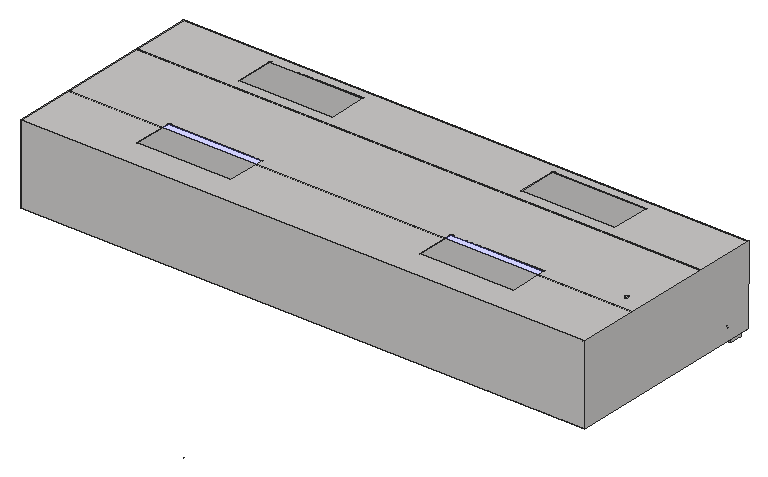
Revit family "QF_ELECTROLUXPROFESSIONAL_640232_STPF1336", category Attrezzature speciali, Revit 2021
Family settings
  Quota connettore circolare = Usa diametro
  Tipo di parte = Normale
  Basato su piano di lavoro = No
  Sempre verticale = Sì
  Taglio con vuoti quando caricato = No
  Condiviso = No
  Punto di calcolo locali = No
Parameters (values of type "Standard")
  Weight = 222.00 kg
  Watts = 320 W
  Volts = 220 V
  URL Manufacturer = "https://www.electroluxprofessional.com/"
  URL = "https://www.electroluxprofessional.com/"
  Steam Supply Size = 0 mm
  Steam Supply Minimum Pressure = 0.0 Pa
  Steam Supply Maximum Pressure = 0.0 Pa
  Steam Consumption per Hour = 0
  Refrigeration Suction Line Size = 0 mm
  Refrigeration Liquid Line Size = 0 mm
  Refrigerant Compressor Remote = yes
  Prospetto di default = 0 mm
  Produttore = "Electrolux Professional"
  Phase = 1
  Modello = "STPF1336"
  Length Actual = 3600 mm  # constant formula
  Item Number = "640232"
  Hot Water Size = 0 mm
  Height Actual = 500 mm  # constant formula
  HP = "0.4 HP"
  Gas Size = 0 mm
  Gas KW = 0
  Gas Input Pressure = 0 W
  Direct Waste Size = 0 mm
  Descrizione = "304 S/S WALL HOOD+FILTERS+LAMPS 360X130"
  Depth Actual = 1300 mm  # constant formula
  Cycle = 50 Hz
  Condensate Return Size = 0 mm
  Compressed Air Volume = 0.0 L/s
  Compressed Air Size = 0 mm
  Compressed Air Pressure = 0.0 Pa
  Cold Water Size = 0 mm
  Accessory = yes
Reference planes
  plane 1: z = 0
  plane 2 "Center (Left/Right)": x = 150
  plane 3 "LEFT": x = -1650
  plane 4 "RIGHT": x = 1950
  plane 5 "BACK": y = 550
  plane 6 "TOP": z = 2500
  plane 7 "Base": z = 2000
  plane 8: z = 1955
  plane 9 "DrainY": y = 490
  plane 10: x = -1647
  plane 11 "DrainX": x = 1830
  plane 12 "AOLeft2": x = -450
  plane 13 "AORight1": x = 750
  plane 14: x = 1947
  plane 15: x = -1450
  plane 16: x = 1750
  plane 17 "Center (Front/Back)": y = -100
  plane 18 "Front": y = -750
  plane 19 "AOLeft1": x = -1050
  plane 20 "AORight2": x = 1350
  plane 21: y = -664
  plane 22: y = -414
  plane 23: y = 240
  plane 24: y = 490
  plane 25 "EI_y": y = -270
  plane 26 "EIx": x = 1830
Forms (mm)
  Extrusion 1, solid, material "QF_Finishes_Stainless Steel"
    sketch origin (-1650, 0, 360) x (0, 1, 0) y (0, 0, 1)
      loop
        line (550, 1640) -> (550, 2140) -> (-750, 2140) -> (-750, 1640) -> (550, 1640)
    from 0 to 3
  Extrusion 2, solid, material "QF_Finishes_Stainless Steel"
    sketch origin (1950, 0, 360) x (0, 1, 0) y (0, 0, 1)
      loop
        line (550, 1640) -> (550, 2140) -> (-750, 2140) -> (-750, 1640) -> (550, 1640)
    from 0 to -3
  Extrusion 3, solid, material "QF_Finishes_Stainless Steel"
    sketch origin (150, 0, 360) x (0, 1, 0) y (0, 0, 1)
      loop
        line (-750, 2140) -> (-750, 1640) -> (-740, 1640) -> (-740, 1640.8) -> (-749.2, 1640.8) -> (-749.2, 2139.19) -> (549.2, 2139.19) -> (549.2, 1640.8) -> (540, 1640.8) -> (540, 1640) -> (550, 1640) -> (550, 2140) -> (-750, 2140)
    from -1800 to 1800
  Extrusion 4, solid, material "QF_Finishes_Stainless Steel"
    sketch origin (0, 0, 2000) x (0, 1, 0) y (-1, 0, 0)
      loop
        circle (490, -1830) r 4.763
    from -30 to 0
  Extrusion 5, void
    sketch origin (0, 0, 2500) x (0, 1, 0) y (-1, 0, 0)
      loop
        line (-320, 450) -> (-320, 1050) -> (-570, 1050) -> (-570, 450) -> (-320, 450)
    from 0 to -10
  Extrusion 6, solid, material "QF_Finishes_Stainless Steel"
    sketch origin (0, 0, 0) x (1, 0, 0) y (0, 1, 0)
      loop
        line (-1650, 550) -> (-1650, 549) -> (-1649, 549) -> (-1649, 550) -> (-1650, 550)
    from 0 to 1
  Extrusion 7, solid, material "QF_LAMPS"
    sketch origin (150, 0, 360) x (0, 1, 0) y (0, 0, 1)
      loop
        line (-372.823, 1962.324) -> (-218.948, 2086.929) -> (-227.129, 2097.032) -> (-381.003, 1972.426) -> (-372.823, 1962.324)
    from 1797 to -1797
  Extrusion 8, solid, material "QF_Finishes_Stainless Steel"
    sketch origin (150, 0, 360) x (0, 1, 0) y (0, 0, 1)
      loop
        line (-750, 2139.19) -> (-750, 1640) -> (-686.602, 1640) -> (-599.146, 1690.493) -> (-610.058, 1709.394) -> (-666.564, 1676.77) -> (-714.704, 1680.982) -> (-749.2, 1730.248) -> (-749.2, 2139.19) -> (-750, 2139.19)
      loop
        line (-373.6, 1961.694) -> (-381.937, 1971.99) -> (-369.095, 1982.182) -> (-369.095, 2139.19) -> (-369.895, 2139.19) -> (-369.895, 1982.569) -> (-682.298, 1734.63) -> (-671.091, 1720.79) -> (-373.6, 1961.694)
      loop
        line (-227.61, 2099.216) -> (-218.171, 2087.559) -> (-154.411, 2139.19) -> (-155.682, 2139.19) -> (-218.052, 2088.684) -> (-226.989, 2099.719) -> (-227.61, 2099.216)
    from -1797 to 1797
  Sweep 9, solid, material "QF_Finishes_Stainless Steel"
    path origin (0, 0, 0) x (1, 0, 0) y (0, 1, 0)
      loop
        line (1950, 550) -> (-1650, 550) -> (-1650, -750) -> (1950, -750) -> (1950, 550)
    profile origin (1950, -100, 0) x (1, 0, 0) y (0, 0, 1)
      loop
        line (-3, 2000) -> (-3, 2000.8) -> (-19, 2000.8) -> (-19, 2010) -> (-20, 2010) -> (-20, 2000) -> (-3, 2000)
  Extrusion 10, solid, material "QF_Finishes_Stainless Steel"
    sketch origin (150, 0, 0) x (0, 1, 0) y (0, 0, 1)
      loop
        line (414.66, 2095.469) -> (440.643, 2110.471) -> (261.744, 2411.771) -> (235.948, 2396.455) -> (414.66, 2095.469)
    from -1797 to -1600
  Extrusion 11, void
    sketch origin (1134.605, 0, 2500) x (0, 1, 0) y (-1, 0, 0)
      loop
        line (-320, -215.395) -> (-320, 384.605) -> (-570, 384.605) -> (-570, -215.395) -> (-320, -215.395)
    from 0 to -10
  Extrusion 12, solid, material "QF_Finishes_Stainless Steel"
    sketch origin (1830, 0, 0) x (0, 1, 0) y (0, 0, 1)
      loop
        line (539, 2000) -> (441, 2000) -> (441, 1989) -> (448.5, 1989) -> (448.5, 1965)
        arc (448.5, 1965) -> (451.429, 1957.929) -> (458.5, 1955) r 10
        line (458.5, 1955) -> (521.5, 1955)
        arc (521.5, 1955) -> (528.571, 1957.929) -> (531.5, 1965) r 10
        line (531.5, 1965) -> (531.5, 1989) -> (539, 1989) -> (539, 2000)
    from 90 to -90
  Extrusion 13, solid, material "QF_Finishes_Stainless Steel"
    sketch origin (150, 0, 360) x (0, 1, 0) y (0, 0, 1)
      loop
        line (-750, 2139.19) -> (-750, 1640) -> (-686.602, 1640) -> (-599.146, 1690.493) -> (-610.058, 1709.394) -> (-666.564, 1676.77) -> (-714.704, 1680.982) -> (-749.2, 1730.248) -> (-749.2, 2139.19) -> (-750, 2139.19)
      loop
        line (-373.6, 1961.694) -> (-381.937, 1971.99) -> (-369.095, 1982.182) -> (-369.095, 2139.19) -> (-369.895, 2139.19) -> (-369.895, 1982.569) -> (-682.298, 1734.63) -> (-671.091, 1720.79) -> (-373.6, 1961.694)
      loop
        line (-227.61, 2099.216) -> (-218.171, 2087.559) -> (-154.411, 2139.19) -> (-155.682, 2139.19) -> (-218.052, 2088.684) -> (-226.989, 2099.719) -> (-227.61, 2099.216)
    from -1797 to 1797
  Extrusion 14, solid, material "QF_Finishes_Stainless Steel"
    sketch origin (150, 0, 0) x (0, 1, 0) y (0, 0, 1)
      loop
        line (414.66, 2095.469) -> (440.643, 2110.471) -> (261.744, 2411.771) -> (235.948, 2396.455) -> (414.66, 2095.469)
    from 1600 to 1797
  Extrusion 15, solid, material "QF_Finished_Chrome"
    sketch origin (150, 0, 0) x (0, 1, 0) y (0, 0, 1)
      loop
        line (414.66, 2095.469) -> (440.643, 2110.471) -> (261.744, 2411.771) -> (235.948, 2396.455) -> (414.66, 2095.469)
    from -1600 to 1600
  Extrusion 16, void
    sketch origin (0, 1180, 2500) x (0, 1, 0) y (-1, 0, 0)
      loop
        line (-690, 450) -> (-690, 1050) -> (-940, 1050) -> (-940, 450) -> (-690, 450)
    from 0 to -10
  Extrusion 17, void
    sketch origin (1600, 1180, 2500) x (0, 1, 0) y (-1, 0, 0)
      loop
        line (-690, 250) -> (-690, 850) -> (-940, 850) -> (-940, 250) -> (-690, 250)
    from 0 to -10
  Extrusion 18, solid, material "QF_Finishes_Stainless Steel"
    sketch origin (0, 0, 2500) x (0, 1, 0) y (-1, 0, 0)
      loop
        circle (-270, -1830) r 10
    from 0 to 1.6
  Extrusion 19, solid, material "QF_Finishes_Stainless Steel"
    sketch origin (150, 0, 360) x (0, 1, 0) y (0, 0, 1)
      loop
        line (430.005, 1640) -> (540, 1640) -> (540, 1640.8) -> (430.467, 1640.8) -> (371.906, 1742.23) -> (414.858, 1734.657) -> (442.266, 1750.481) -> (442.266, 1765.943) -> (441.466, 1765.943) -> (441.466, 1750.943) -> (414.709, 1735.495) -> (321.153, 1751.991) -> (320.875, 1750.416) -> (371.4, 1741.507) -> (430.005, 1640)
      loop
        line (172.529, 2139.19) -> (242.893, 2017.316) -> (245.133, 2018.715) -> (240.13, 2027.381) -> (238.569, 2026.405) -> (173.453, 2139.19) -> (172.529, 2139.19)
    from -1797 to 1797
Cuts and joins
  Extrusion 5, Extrusion 11, Extrusion 16, Extrusion 17 cuts Extrusion 3
  joined: Extrusion 2, Extrusion 3, Sweep 9
Lines and regions (mm)
  symbolic lines, style "SpecialityEquipment", detail levels coarse
    curve 1: line (1950, 550, 2500) -> (-1650, 550, 2500)
    curve 2: line (-1650, 550, 2500) -> (-1650, -750, 2500)
    curve 3: line (1950, -750, 2500) -> (1950, 550, 2500)
    curve 4: line (-1650, 550, 0) -> (1950, -750, 0)
    curve 5: line (1950, 550, 0) -> (-1650, -750, 0)
    curve 6: line (-1650, -750, 0) -> (1950, -750, 0)
    curve 7: line (-450, -320, 0) -> (-1050, -320, 0)
    curve 8: line (-450, -570, 0) -> (-450, -320, 0)
    curve 9: line (-1050, -570, 0) -> (-450, -570, 0)
    curve 10: line (-1050, -320, 0) -> (-1050, -570, 0)
    curve 11: line (750, -320, 0) -> (750, -570, 0)
    curve 12: line (1350, -320, 0) -> (750, -320, 0)
    curve 13: line (1350, -570, 0) -> (1350, -320, 0)
    curve 14: line (750, -570, 0) -> (1350, -570, 0)
  symbolic lines, detail levels coarse
    curve 15: line (-1050, 240, 2500) -> (-450, 240, 2500)
    curve 16: line (-1050, 490, 2500) -> (-1050, 240, 2500)
    curve 17: line (-450, 490, 2500) -> (-1050, 490, 2500)
    curve 18: line (-450, 240, 2500) -> (-450, 490, 2500)
    curve 19: line (750, 490, 2500) -> (750, 240, 2500)
    curve 20: line (1350, 490, 2500) -> (750, 490, 2500)
    curve 21: line (750, 240, 2500) -> (1350, 240, 2500)
    curve 22: line (1350, 240, 2500) -> (1350, 490, 2500)
Dimensions and locks
  plane 3 "LEFT" to plane 4 "RIGHT" = 3600 mm
  equal spacing: plane 3 "LEFT", plane 2 "Center (Left/Right)", plane 4 "RIGHT"
  plane 7 "Base" to plane 8 = 45 mm
  plane 5 "BACK" to plane 9 "DrainY" = 60 mm  (x2)
  plane 3 "LEFT" to plane 10 = 3 mm
  plane 11 "DrainX" to plane 4 "RIGHT" = 120 mm
  plane 14 to plane 4 "RIGHT" = 3 mm
  plane 3 "LEFT" to plane 15 = 200 mm
  plane 16 to plane 4 "RIGHT" = 200 mm
  locked: plane 12 "AOLeft2" to plane 13 "AORight1" at 1200
  equal spacing: plane 12 "AOLeft2", plane 2 "Center (Left/Right)", plane 13 "AORight1"
  locked: plane 7 "Base" to level at 2000
  locked: plane 6 "TOP" to plane 7 "Base" at 500
  locked: plane 5 "BACK" to plane 18 "Front" at 1300
  equal spacing: plane 5 "BACK", plane 17 "Center (Front/Back)", plane 18 "Front"
  locked: plane 19 "AOLeft1" to plane 12 "AOLeft2" at 600
  locked: plane 13 "AORight1" to plane 20 "AORight2" at 600
  locked: plane 22 to plane 21 at 250
  plane 21 to plane 18 "Front" = 86 mm
  locked: plane 24 to plane 23 at 250
  plane 5 "BACK" to plane 24 = 60 mm
  locked: plane 25 "EI_y" to plane 18 "Front" at 480
  locked: plane 26 "EIx" to plane 4 "RIGHT" at 120
  plane 5 "BACK" to plane 18 "Front" = 1300 mm
  aligned and locked: level to plane 1
  aligned and locked: plane 4 "RIGHT" to Extrusion 3
  aligned and locked: Extrusion 3 to plane 3 "LEFT"
  aligned and locked: Extrusion 2 to plane 14
  aligned and locked: Extrusion 10 to plane 10
  aligned and locked: Extrusion 8 to plane 10
  aligned and locked: plane 14 to Extrusion 8
  aligned and locked: Extrusion 5 to plane 19 "AOLeft1"
  aligned and locked: Extrusion 5 to plane 12 "AOLeft2"
  aligned and locked: plane 20 "AORight2" to Extrusion 11
  aligned and locked: plane 13 "AORight1" to Extrusion 11
  aligned and locked: plane 15 to Extrusion 10
  aligned and locked: plane 16 to Extrusion 14
  aligned and locked: plane 14 to Extrusion 14
  aligned and locked: Extrusion 15 to plane 15
  aligned and locked: Extrusion 15 to plane 16
  aligned and locked: plane 14 to Extrusion 7
  aligned and locked: Extrusion 7 to plane 10
  aligned and locked: Extrusion 16 to plane 23
  aligned and locked: plane 24 to Extrusion 16
  aligned and locked: plane 24 to Extrusion 17
  aligned and locked: Extrusion 17 to plane 23
  aligned and locked: plane 13 "AORight1" to Extrusion 17
  aligned and locked: plane 20 "AORight2" to Extrusion 17
  aligned and locked: Extrusion 16 to plane 19 "AOLeft1"
  aligned and locked: Extrusion 16 to plane 12 "AOLeft2"
  aligned and locked: Extrusion 19 to plane 10
  aligned and locked: plane 14 to Extrusion 19
  aligned and locked: plane 14 to Extrusion 13
  aligned and locked: Extrusion 13 to plane 10
Automatic sketch dimensions
  curve 6 to plane 3 "LEFT" = 0 mm
  curve 4 to plane 3 "LEFT" = 0 mm
  curve 10 to plane 19 "AOLeft1" = 0 mm
  curve 8 to plane 12 "AOLeft2" = 0 mm
  curve 14 to plane 13 "AORight1" = 0 mm
  curve 14 to plane 20 "AORight2" = 0 mm
  curve 5 to plane 4 "RIGHT" = 0 mm
  curve 6 to plane 4 "RIGHT" = 0 mm
  curve 4 to plane 18 "Front" = 0 mm
  curve 4 to plane 5 "BACK" = 0 mm
  curve 5 to plane 5 "BACK" = 0 mm
  plane 21 to curve 14 = 94 mm
  plane 21 to curve 9 = 94 mm
  curve 10 to plane 25 "EI_y" = 50 mm
  curve 11 to plane 25 "EI_y" = 50 mm
  curve 2 to plane 3 "LEFT" = 0 mm
  curve 2 to plane 18 "Front" = 0 mm
  curve 3 to plane 4 "RIGHT" = 0 mm
  curve 3 to plane 18 "Front" = 0 mm
  curve 2 to plane 5 "BACK" = 0 mm
  Extrusion 1 sketch curve to plane 7 "Base" = 0 mm
  Extrusion 1 sketch curve to plane 18 "Front" = 0 mm
  Extrusion 1 sketch curve to plane 5 "BACK" = 0 mm
  Extrusion 1 sketch curve to plane 6 "TOP" = 0 mm
  Extrusion 2 sketch curve to plane 7 "Base" = 0 mm
  Extrusion 2 sketch curve to plane 18 "Front" = 0 mm
  Extrusion 2 sketch curve to plane 5 "BACK" = 0 mm
  Extrusion 2 sketch curve to plane 6 "TOP" = 0 mm
  Extrusion 3 sketch curve to plane 6 "TOP" = 0 mm
  Extrusion 3 sketch curve to plane 18 "Front" = 0 mm
  Extrusion 3 sketch curve to plane 7 "Base" = 0 mm  (x2)
  Extrusion 3 sketch curve to plane 5 "BACK" = 0 mm
  plane 18 "Front" to Extrusion 3 sketch curve = 0.8 mm
  Extrusion 3 sketch curve to Extrusion 3 sketch curve = 9.2 mm
  plane 7 "Base" to Extrusion 3 sketch curve = 0.8 mm  (x2)
  Extrusion 3 sketch curve to plane 5 "BACK" = 10 mm
  Extrusion 3 sketch curve to plane 5 "BACK" = 0.8 mm
  Extrusion 3 sketch curve to plane 6 "TOP" = 0.81 mm
  Extrusion 4 sketch curve to plane 9 "DrainY" = 0 mm
  Extrusion 4 sketch curve to plane 11 "DrainX" = 0 mm
  Extrusion 5 sketch curve to plane 12 "AOLeft2" = 0 mm
  Extrusion 5 sketch curve to plane 19 "AOLeft1" = 0 mm
  plane 21 to Extrusion 5 sketch curve = 94 mm
  Extrusion 5 sketch curve to plane 25 "EI_y" = 50 mm
  Extrusion 6 sketch curve to plane 3 "LEFT" = 0 mm
  Extrusion 6 sketch curve to plane 5 "BACK" = 0 mm
  plane 3 "LEFT" to Extrusion 6 sketch curve = 1 mm
  Extrusion 6 sketch curve to Extrusion 6 sketch curve = 1 mm
  plane 22 to Extrusion 7 sketch curve = 32.997 mm
  Extrusion 7 sketch curve to Extrusion 7 sketch curve = 8.181 mm  (x2)
  plane 25 "EI_y" to Extrusion 7 sketch curve = 42.871 mm
  Extrusion 7 sketch curve to plane 6 "TOP" = 177.676 mm
  Extrusion 7 sketch curve to Extrusion 7 sketch curve = 10.102 mm
  Extrusion 7 sketch curve to plane 6 "TOP" = 53.071 mm
  Extrusion 7 sketch curve to Extrusion 7 sketch curve = 10.103 mm
  Extrusion 8 sketch curve to plane 7 "Base" = 0 mm
  Extrusion 8 sketch curve to plane 18 "Front" = 0 mm
  Extrusion 8 sketch curve to Extrusion 8 sketch curve = 0.8 mm  (x2)
  plane 18 "Front" to Extrusion 8 sketch curve = 35.296 mm
  Extrusion 8 sketch curve to plane 21 = 22.602 mm
  Extrusion 8 sketch curve to plane 21 = 18.298 mm
  Extrusion 8 sketch curve to plane 21 = 7.091 mm
  Extrusion 8 sketch curve to plane 21 = 2.564 mm
  plane 21 to Extrusion 8 sketch curve = 53.942 mm
  Extrusion 8 sketch curve to Extrusion 8 sketch curve = 10.912 mm
  plane 22 to Extrusion 8 sketch curve = 32.063 mm
  Extrusion 8 sketch curve to Extrusion 8 sketch curve = 8.337 mm
  Extrusion 8 sketch curve to Extrusion 8 sketch curve = 12.042 mm
  plane 25 "EI_y" to Extrusion 8 sketch curve = 42.39 mm
  Extrusion 8 sketch curve to Extrusion 8 sketch curve = 0.622 mm
  Extrusion 8 sketch curve to Extrusion 8 sketch curve = 9.44 mm
  Extrusion 8 sketch curve to Extrusion 8 sketch curve = 0.118 mm
  Extrusion 8 sketch curve to plane 6 "TOP" = 0.81 mm  (x3)
  Extrusion 8 sketch curve to plane 17 "Center (Front/Back)" = 55.682 mm
  Extrusion 8 sketch curve to Extrusion 8 sketch curve = 1.271 mm
  plane 7 "Base" to Extrusion 8 sketch curve = 36.77 mm
  plane 7 "Base" to Extrusion 8 sketch curve = 40.982 mm
  plane 7 "Base" to Extrusion 8 sketch curve = 50.493 mm
  Extrusion 8 sketch curve to Extrusion 8 sketch curve = 18.901 mm
  Extrusion 8 sketch curve to Extrusion 8 sketch curve = 44.02 mm
  Extrusion 8 sketch curve to Extrusion 8 sketch curve = 49.266 mm
  Extrusion 8 sketch curve to Extrusion 8 sketch curve = 13.84 mm
  Extrusion 8 sketch curve to plane 6 "TOP" = 178.306 mm
  Extrusion 8 sketch curve to Extrusion 8 sketch curve = 10.296 mm
  Extrusion 8 sketch curve to Extrusion 8 sketch curve = 10.192 mm
  Extrusion 8 sketch curve to Extrusion 8 sketch curve = 0.386 mm
  Extrusion 8 sketch curve to plane 6 "TOP" = 52.441 mm
  Extrusion 8 sketch curve to Extrusion 8 sketch curve = 1.125 mm
  Sweep 9 sketch curve to plane 3 "LEFT" = 0 mm
  Sweep 9 sketch curve to plane 4 "RIGHT" = 0 mm
  Sweep 9 sketch curve to plane 18 "Front" = 0 mm
  Sweep 9 sketch curve to plane 5 "BACK" = 0 mm
  profile plane to Sweep 9 sketch curve = 20 mm
  Sweep 9 sketch curve to Sweep 9 sketch curve = 1 mm
  profile plane to Sweep 9 sketch curve = 3 mm
  level to Sweep 9 sketch curve = 2000 mm
  Sweep 9 sketch curve to Sweep 9 sketch curve = 0.8 mm
  Sweep 9 sketch curve to Sweep 9 sketch curve = 9.2 mm
  Extrusion 10 sketch curve to plane 23 = 4.052 mm
  plane 23 to Extrusion 10 sketch curve = 21.744 mm
  Extrusion 10 sketch curve to plane 9 "DrainY" = 75.34 mm
  Extrusion 10 sketch curve to Extrusion 10 sketch curve = 25.983 mm
  plane 7 "Base" to Extrusion 10 sketch curve = 95.469 mm
  Extrusion 10 sketch curve to Extrusion 10 sketch curve = 15.001 mm
  Extrusion 10 sketch curve to plane 6 "TOP" = 103.545 mm
  Extrusion 10 sketch curve to Extrusion 10 sketch curve = 15.316 mm
  Extrusion 11 sketch curve to plane 20 "AORight2" = 0 mm
  Extrusion 11 sketch curve to plane 13 "AORight1" = 0 mm
  plane 21 to Extrusion 11 sketch curve = 94 mm
  Extrusion 11 sketch curve to plane 25 "EI_y" = 50 mm
  Extrusion 13 sketch curve to plane 7 "Base" = 0 mm
  Extrusion 13 sketch curve to plane 18 "Front" = 0 mm
  Extrusion 13 sketch curve to Extrusion 13 sketch curve = 0.8 mm  (x2)
  plane 18 "Front" to Extrusion 13 sketch curve = 35.296 mm
  Extrusion 13 sketch curve to plane 21 = 22.602 mm
  Extrusion 13 sketch curve to plane 21 = 18.298 mm
  Extrusion 13 sketch curve to plane 21 = 7.091 mm
  Extrusion 13 sketch curve to plane 21 = 2.564 mm
  plane 21 to Extrusion 13 sketch curve = 53.942 mm
  Extrusion 13 sketch curve to Extrusion 13 sketch curve = 10.912 mm
  plane 22 to Extrusion 13 sketch curve = 32.063 mm
  Extrusion 13 sketch curve to Extrusion 13 sketch curve = 8.337 mm
  Extrusion 13 sketch curve to plane 6 "TOP" = 0.81 mm  (x3)
  plane 22 to Extrusion 13 sketch curve = 44.105 mm
  plane 25 "EI_y" to Extrusion 13 sketch curve = 42.39 mm
  Extrusion 13 sketch curve to Extrusion 13 sketch curve = 0.622 mm
  Extrusion 13 sketch curve to Extrusion 13 sketch curve = 9.44 mm
  Extrusion 13 sketch curve to Extrusion 13 sketch curve = 0.118 mm
  Extrusion 13 sketch curve to plane 17 "Center (Front/Back)" = 55.682 mm
  Extrusion 13 sketch curve to Extrusion 13 sketch curve = 1.271 mm
  plane 7 "Base" to Extrusion 13 sketch curve = 36.77 mm
  plane 7 "Base" to Extrusion 13 sketch curve = 40.982 mm
  plane 7 "Base" to Extrusion 13 sketch curve = 50.493 mm
  Extrusion 13 sketch curve to Extrusion 13 sketch curve = 18.901 mm
  Extrusion 13 sketch curve to Extrusion 13 sketch curve = 44.02 mm
  Extrusion 13 sketch curve to Extrusion 13 sketch curve = 49.266 mm
  Extrusion 13 sketch curve to Extrusion 13 sketch curve = 13.84 mm
  Extrusion 13 sketch curve to Extrusion 13 sketch curve = 177.496 mm
  Extrusion 13 sketch curve to Extrusion 13 sketch curve = 10.296 mm
  Extrusion 13 sketch curve to Extrusion 13 sketch curve = 10.192 mm
  Extrusion 13 sketch curve to Extrusion 13 sketch curve = 0.386 mm
  Extrusion 13 sketch curve to plane 6 "TOP" = 52.441 mm
  Extrusion 13 sketch curve to Extrusion 13 sketch curve = 1.125 mm
  Extrusion 14 sketch curve to plane 23 = 4.052 mm
  plane 23 to Extrusion 14 sketch curve = 21.744 mm
  Extrusion 14 sketch curve to plane 9 "DrainY" = 75.34 mm
  Extrusion 14 sketch curve to Extrusion 14 sketch curve = 25.983 mm
  plane 7 "Base" to Extrusion 14 sketch curve = 95.469 mm
  Extrusion 14 sketch curve to Extrusion 14 sketch curve = 15.001 mm
  Extrusion 14 sketch curve to plane 6 "TOP" = 103.545 mm
  Extrusion 14 sketch curve to Extrusion 14 sketch curve = 15.316 mm
  Extrusion 15 sketch curve to plane 23 = 4.052 mm
  plane 23 to Extrusion 15 sketch curve = 21.744 mm
  Extrusion 15 sketch curve to plane 9 "DrainY" = 75.34 mm
  Extrusion 15 sketch curve to Extrusion 15 sketch curve = 25.983 mm
  plane 7 "Base" to Extrusion 15 sketch curve = 95.469 mm
  Extrusion 15 sketch curve to Extrusion 15 sketch curve = 15.001 mm
  Extrusion 15 sketch curve to plane 6 "TOP" = 103.545 mm
  Extrusion 15 sketch curve to Extrusion 15 sketch curve = 15.316 mm
  Extrusion 16 sketch curve to plane 12 "AOLeft2" = 0 mm
  Extrusion 16 sketch curve to plane 23 = 0 mm
  Extrusion 16 sketch curve to plane 9 "DrainY" = 0 mm
  Extrusion 16 sketch curve to plane 19 "AOLeft1" = 0 mm
  Extrusion 17 sketch curve to plane 20 "AORight2" = 0 mm
  Extrusion 17 sketch curve to plane 23 = 0 mm
  Extrusion 17 sketch curve to plane 9 "DrainY" = 0 mm
  Extrusion 17 sketch curve to plane 13 "AORight1" = 0 mm
  Extrusion 18 sketch curve to plane 25 "EI_y" = 0 mm
  Extrusion 18 sketch curve to plane 26 "EIx" = 0 mm
  Extrusion 19 sketch curve to plane 7 "Base" = 0 mm
  Extrusion 19 sketch curve to plane 9 "DrainY" = 47.734 mm
  Extrusion 19 sketch curve to Extrusion 19 sketch curve = 0.8 mm
  plane 9 "DrainY" to Extrusion 19 sketch curve = 50 mm
  plane 7 "Base" to Extrusion 19 sketch curve = 0.8 mm
  Extrusion 19 sketch curve to Extrusion 19 sketch curve = 109.533 mm
  Extrusion 19 sketch curve to Extrusion 19 sketch curve = 0.462 mm  (x2)
  Extrusion 19 sketch curve to Extrusion 19 sketch curve = 26.608 mm
  Extrusion 19 sketch curve to Extrusion 19 sketch curve = 0.148 mm
  Extrusion 19 sketch curve to Extrusion 19 sketch curve = 42.803 mm
  Extrusion 19 sketch curve to Extrusion 19 sketch curve = 0.506 mm
  Extrusion 19 sketch curve to Extrusion 19 sketch curve = 50.247 mm
  Extrusion 19 sketch curve to Extrusion 19 sketch curve = 0.278 mm
  plane 23 to Extrusion 19 sketch curve = 5.133 mm
  Extrusion 19 sketch curve to Extrusion 19 sketch curve = 2.24 mm
  plane 23 to Extrusion 19 sketch curve = 0.13 mm
  Extrusion 19 sketch curve to plane 23 = 1.431 mm
  Extrusion 19 sketch curve to plane 6 "TOP" = 0.81 mm
  Extrusion 19 sketch curve to plane 23 = 66.547 mm
  Extrusion 19 sketch curve to Extrusion 19 sketch curve = 0.924 mm
  plane 7 "Base" to Extrusion 19 sketch curve = 94.657 mm
  Extrusion 19 sketch curve to Extrusion 19 sketch curve = 0.838 mm
  Extrusion 19 sketch curve to Extrusion 19 sketch curve = 6.012 mm
  Extrusion 19 sketch curve to Extrusion 19 sketch curve = 0.723 mm
  Extrusion 19 sketch curve to Extrusion 19 sketch curve = 14.986 mm
  Extrusion 19 sketch curve to Extrusion 19 sketch curve = 15 mm
  Extrusion 19 sketch curve to plane 6 "TOP" = 122.684 mm
  Extrusion 19 sketch curve to Extrusion 19 sketch curve = 1.399 mm
  Extrusion 19 sketch curve to Extrusion 19 sketch curve = 9.089 mm
  Extrusion 19 sketch curve to Extrusion 19 sketch curve = 0.975 mm
  curve 15 to plane 19 "AOLeft1" = 0 mm
  curve 15 to plane 23 = 0 mm
  curve 16 to plane 9 "DrainY" = 0 mm
  curve 15 to plane 12 "AOLeft2" = 0 mm
  curve 19 to plane 13 "AORight1" = 0 mm
  curve 19 to plane 23 = 0 mm
  curve 20 to plane 9 "DrainY" = 0 mm
  curve 21 to plane 20 "AORight2" = 0 mm
  Extrusion 12 sketch curve to plane 8 = 0 mm
  Extrusion 12 sketch curve to plane 7 "Base" = 11 mm  (x2)
  Extrusion 12 sketch curve to plane 9 "DrainY" = 49 mm
  Extrusion 12 sketch curve to Extrusion 12 sketch curve = 7.5 mm  (x2)
  Extrusion 12 sketch curve to Extrusion 12 sketch curve = 10 mm
  Extrusion 12 sketch curve to plane 5 "BACK" = 28.5 mm
  Extrusion 12 sketch curve to plane 5 "BACK" = 18.5 mm
  plane 7 "Base" to Extrusion 12 sketch curve = 0 mm
  radius of Extrusion 4 sketch curve = 4.763 mm
  radius of Extrusion 18 sketch curve = 10 mm
Connectors
  piping at (1830, 490, 1970), diameter 9.5
    settings: on Extrusion 4, index 1, connector inside diameter 609.6 mm, connector length 0 mm, flow factor 0, pipe flow 0.0 L/s, pressure drop 0.0 Pa, fitting loss kfactor 0, connector angle 0.00°, fixture units 0, engagement length 0 mm, angle of deflection 0.00°, flow configuration 1, flow direction 2, fitting loss method 0, system type 16, joint type 0, gender type 0, connector reference index -1, connector utility 0, adjustable connector no, is connector primary yes, connector description "Drain"
  hvac at (-750, -445, 2500)
    settings: on Extrusion 5, index 2, duct flow 0.0 L/s, flow factor 0, pres drop 0.0 Pa, loss coef 0, conn angle 0.00°, conn width 250 mm, conn height 600 mm, conn diameter 609.6 mm, duct sys type 1, conn prof type 1, flow config 1, flow direction 1, loss method 0, conn ref index -1, conn util no, is conn primary yes, conn desc "AIR INLET"
  hvac at (1050, -445, 2500)
    settings: on Extrusion 11, index 3, duct flow 0.0 L/s, flow factor 0, pres drop 0.0 Pa, loss coef 0, conn angle 0.00°, conn width 250 mm, conn height 600 mm, conn diameter 609.6 mm, duct sys type 1, conn prof type 1, flow config 1, flow direction 1, loss method 0, conn ref index -1, conn util no, is conn primary no, conn desc "AIR INLET"
  hvac at (-750, 365, 2500)
    settings: on Extrusion 16, index 4, duct flow 0.0 L/s, flow factor 0, pres drop 0.0 Pa, loss coef 0, conn angle 0.00°, conn width 250 mm, conn height 600 mm, conn diameter 609.6 mm, duct sys type 3, conn prof type 1, flow config 1, flow direction 2, loss method 0, conn ref index -1, conn util no, is conn primary no, conn desc "EXHAUST OUTLET"
  hvac at (1050, 365, 2500)
    settings: on Extrusion 17, index 5, duct flow 0.0 L/s, flow factor 0, pres drop 0.0 Pa, loss coef 0, conn angle 0.00°, conn width 250 mm, conn height 600 mm, conn diameter 609.6 mm, duct sys type 3, conn prof type 1, flow config 1, flow direction 2, loss method 0, conn ref index -1, conn util no, is conn primary no, conn desc "EXHAUST OUTLET"
  electrical at (1830, -270, 2501.6), driven by "Volts"
    settings: on Extrusion 18, index 6, voltage 220 V, apparent load 0 VA, apparent load phase1 0 VA, apparent load phase2 0 VA, apparent load phase3 0 VA, power factor 1, load classification "Other", number of poles 1, system type 30, power factor state 1, is connector primary yes, connector utility no, sub classification motor no, connector description "Electrical Connection"
